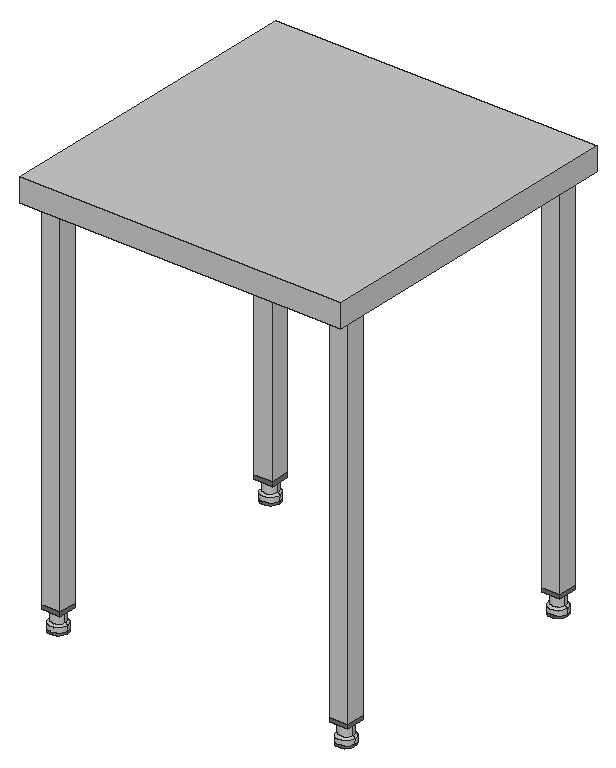
Revit family "QF_ZANUSSI_133216_TG700MBN", category Attrezzature speciali, Revit 2020
Family settings
  Quota connettore circolare = Usa diametro
  Tipo di parte = Normale
  Basato su piano di lavoro = No
  Sempre verticale = Sì
  Taglio con vuoti quando caricato = No
  Condiviso = No
  Punto di calcolo locali = No
Parameters (values of type "Standard")
  Weight = 26.00 kg
  Watts = 0 W
  Volts = 0 V
  URL Manufacturer = "http://www.zanussiprofessional.com"
  URL = "http://www.zanussiprofessional.com"
  Steam Supply Size = 0 mm
  Steam Supply Minimum Pressure = 0.0 Pa
  Steam Supply Maximum Pressure = 0.0 Pa
  Steam Consumption per Hour = 0
  Refrigeration Suction Line Size = 0.0 mm
  Refrigeration Liquid Line Size = 0.0 mm
  Refrigerant Compressor Remote = yes
  Prospetto di default = 0.0 mm
  Produttore = "Zanussi"
  Phase = 0
  Modello = "TG700MBN"
  Length Actual = 700.0 mm  # constant formula
  Item Number = "133216"
  Hot Water Size = 0 mm
  Height Actual = 900.0 mm  # constant formula
  HP = "0 HP"
  Gas Size = 0 mm
  Gas KW = 0
  Gas Input Pressure = 0 W
  Direct Waste Size = 0 mm
  Descrizione = "WORK TABLE 700 MM"
  Depth Actual = 700.0 mm  # constant formula
  Cycle = 0 Hz
  Condensate Return Size = 0 mm
  Compressed Air Volume = 0.0 L/s
  Compressed Air Size = 0 mm
  Compressed Air Pressure = 0.0 Pa
  Cold Water Size = 0 mm
  Accessory = yes
Reference planes
  plane 1 "Center (Front/Back)": y = 0
  plane 2: z = 0
  plane 3 "Center (Left/Right)": x = 150
  plane 4 "LEFT": x = -200
  plane 5 "RIGHT": x = 500
  plane 6 "BACK": y = 350
  plane 7 "FRONT": y = -350
  plane 8 "Base": z = 850
  plane 9 "TOP": z = 900
  plane 10: x = -164.5
  plane 11: x = 464.5
  plane 12: y = 290
  plane 13: y = -290
Forms (mm)
  Extrusion 1, solid, material "QF_Finishes_Stainless Steel"
    sketch origin (150, 0, 0) x (0, 1, 0) y (0, 0, 1)
      loop
        line (-350, 850) -> (350, 850) -> (350, 900) -> (-350, 900) -> (-350, 850)
    from 350 to -350
Lines and regions (mm)
  symbolic lines
    curve 1: line (500, 350, 900) -> (-200, 350, 900)
    curve 2: line (-200, 350, 900) -> (-200, -350, 900)
    curve 3: line (-200, -350, 900) -> (500, -350, 900)
    curve 4: line (500, -350, 900) -> (500, 350, 900)
Dimensions and locks
  plane 4 "LEFT" to plane 5 "RIGHT" = 700.0 mm
  equal spacing: plane 4 "LEFT", plane 3 "Center (Left/Right)", plane 5 "RIGHT"
  plane 4 "LEFT" to plane 10 = 35.5 mm
  plane 11 to plane 5 "RIGHT" = 35.5 mm
  plane 10 to plane 11 = 629.0 mm
  locked: plane 9 "TOP" to level at 900
  plane 6 "BACK" to plane 12 = 60.0 mm
  plane 13 to plane 7 "FRONT" = 60.0 mm
  plane 6 "BACK" to plane 7 "FRONT" = 700.0 mm
  plane 12 to plane 13 = 580.0 mm
  equal spacing: plane 6 "BACK", plane 1 "Center (Front/Back)", plane 7 "FRONT"
  locked: plane 8 "Base" to level at 850
  aligned and locked: level to plane 2
  aligned and locked: plane 10 to nested 1
  aligned and locked: nested 1 to plane 13
  aligned and locked: plane 11 to nested 2
  aligned and locked: nested 2 to plane 13
  aligned and locked: plane 11 to nested 4
  aligned and locked: nested 4 to plane 12
  aligned and locked: plane 10 to nested 3
  aligned and locked: nested 3 to plane 12
  aligned and locked: Extrusion 1 to plane 4 "LEFT"
  aligned and locked: plane 5 "RIGHT" to Extrusion 1
  aligned and locked: curve 2 to plane 4 "LEFT"
Automatic sketch dimensions
  Extrusion 1 sketch curve to plane 7 "FRONT" = 0.0 mm
  Extrusion 1 sketch curve to plane 8 "Base" = 0.0 mm
  curve 3 to plane 7 "FRONT" = 0.0 mm
  curve 4 to plane 6 "BACK" = 0.0 mm
  Extrusion 1 sketch curve to plane 9 "TOP" = 0.0 mm
  Extrusion 1 sketch curve to plane 6 "BACK" = 0.0 mm
  curve 4 to plane 5 "RIGHT" = 0.0 mm
Nested families
  nested 1: "FEET_40x40_APP42" at (-164.5, -290, 0), type "FEET_40x40_APP42"
  nested 2: "FEET_40x40_APP42" at (464.5, -290, 0), type "FEET_40x40_APP42"
  nested 3: "FEET_40x40_APP42" at (-164.5, 290, 0), type "FEET_40x40_APP42"
  nested 4: "FEET_40x40_APP42" at (464.5, 290, 0), type "FEET_40x40_APP42"
Definition of nested family "FEET_40x40_APP42"
  Parameters
    Default Elevation = 0.0 mm
    FEET = 850.0 mm
  Reference planes
    plane 1 "Center (Front/Back)": y = 0
    plane 2: z = 0
    plane 3 "Center (Left/Right)": x = 0
    plane 4: z = 850
  Forms (mm)
    Extrusion 1, solid
      sketch origin (0, 0, 0) x (1, 0, 0) y (0, 1, 0)
        loop
          line (-20, -20) -> (20, -20) -> (20, 20) -> (-20, 20) -> (-20, -20)
      from 50 to 845
    Extrusion 2, solid
      sketch origin (0, 0, 0) x (1, 0, 0) y (0, 1, 0)
        loop
          circle (0, 0) r 20
      from 0 to 5
    Extrusion 3, solid
      sketch origin (0, 0, 0) x (1, 0, 0) y (0, 1, 0)
        loop
          line (30, 30) -> (-30, 30) -> (-30, -30) -> (30, -30) -> (30, 30)
      from 845 to 850
    Extrusion 4, solid
      sketch origin (0, 0, 0) x (1, 0, 0) y (0, 1, 0)
        loop
          line (-20, -20) -> (20, -20) -> (20, 20) -> (-20, 20) -> (-20, -20)
      from 50 to 42
    Revolve 5, solid
      sketch origin (0, 0, 0) x (1, 0, 0) y (0, 0, 1)
        loop
          line (0, 42) -> (-15, 42) -> (-15, 20) -> (-20, 15) -> (-20, 5) -> (0, 5) -> (0, 42)
        axis (0, 42) -> (0, 5)
      angle from 0 to 360
  Lines and regions (mm)
    symbolic lines
      curve 1: line (0, -1.503, 0) -> (0, 1.508, 0)
      curve 2: line (1.561, 0, 0) -> (-1.439, 0, 0)
  Dimensions and locks
    "FEET": plane 4 to plane 2
    aligned and locked: level to plane 2
  Automatic sketch dimensions
    plane 1 "Center (Front/Back)" to curve 2 = 0.0 mm
    curve 1 to plane 3 "Center (Left/Right)" = 0.0 mm
    curve 2 to plane 3 "Center (Left/Right)" = 1.439 mm
    plane 3 "Center (Left/Right)" to curve 2 = 1.561 mm
    plane 1 "Center (Front/Back)" to curve 1 = 1.503 mm
    curve 1 to plane 1 "Center (Front/Back)" = 1.508 mm
    Extrusion 1 sketch curve to plane 3 "Center (Left/Right)" = 20.0 mm
    plane 3 "Center (Left/Right)" to Extrusion 1 sketch curve = 20.0 mm
    plane 1 "Center (Front/Back)" to Extrusion 1 sketch curve = 20.0 mm
    Extrusion 1 sketch curve to plane 1 "Center (Front/Back)" = 20.0 mm
    plane 1 "Center (Front/Back)" to Extrusion 2 sketch curve = 0.0 mm
    Extrusion 2 sketch curve to plane 3 "Center (Left/Right)" = 0.0 mm
    Extrusion 3 sketch curve to plane 3 "Center (Left/Right)" = 30.0 mm
    plane 3 "Center (Left/Right)" to Extrusion 3 sketch curve = 30.0 mm
    plane 1 "Center (Front/Back)" to Extrusion 3 sketch curve = 30.0 mm
    Extrusion 3 sketch curve to plane 1 "Center (Front/Back)" = 30.0 mm
    Extrusion 4 sketch curve to plane 3 "Center (Left/Right)" = 20.0 mm
    plane 3 "Center (Left/Right)" to Extrusion 4 sketch curve = 20.0 mm
    plane 1 "Center (Front/Back)" to Extrusion 4 sketch curve = 20.0 mm
    Extrusion 4 sketch curve to plane 1 "Center (Front/Back)" = 20.0 mm
    Revolve 5 sketch curve to plane 3 "Center (Left/Right)" = 0.0 mm  (x2)
    Revolve 5 sketch curve to plane 3 "Center (Left/Right)" = 15.0 mm
    Revolve 5 sketch curve to Revolve 5 sketch curve = 5.0 mm  (x3)
    level to Revolve 5 sketch curve = 5.0 mm
    Revolve 5 sketch curve to Revolve 5 sketch curve = 10.0 mm
    Revolve 5 sketch curve to Revolve 5 sketch curve = 22.0 mm
    Revolve 5 sketch curve to level = 9.561 mm
    radius of Extrusion 2 sketch curve = 20.0 mm
